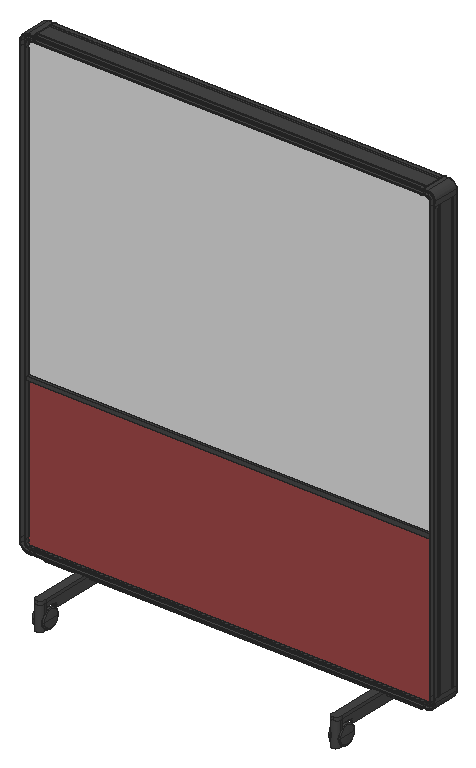
Revit family "DBLTD_TheSenatorGroup_PrvcyScrn_AdaptWall_Screen_US_v2", category Furniture, Revit 2020
Family settings
  OmniClass Number = 23.40.20.00
  OmniClass Title = General Furniture and Specialties
  Work Plane-Based = No
  Always vertical = Yes
  Cut with Voids When Loaded = No
  Shared = Yes
  Room Calculation Point = No
Parameters (values of type "Screen Fabric & Magnetic Drywipe Upper Panels, MFC Lower Panels 65" Wide")
  WarrantyStartDate [instance] = "1900-12-31T23:59:59"
  WarrantyGuarantorParts = "n/a"
  WarrantyGuarantorLabor = "n/a"
  WarrantyDurationUnit = "Years"
  WarrantyDurationParts = "n/a"
  WarrantyDurationLabor = "n/a"
  WarrantyDescription = "Senator warrants that its manufactured products are free from manufacturing defects - in materials or workmanship - for a period of ten (10) years on Senator Seating ranges; and fifteen (15) years on Senator Desking ranges"
  Version = "1"  # constant formula
  Uniclass2015Version = "Products v1.9"
  Uniclass2015Title = "Privacy screens"
  Uniclass2015Code = "Pr_40_30_20_65"
  URL = "https://www.thesenatorgroup.com/"
  Type Comments = ModelReference  # "Screen Fabric & Magnetic Drywipe Upper Panels, MFC Lower Panels 65\" Wide"
  TagNumber [instance] = "n/a"
  SustainabilityPerformance = "n/a"
  Style = "n/a"
  Status [instance] = "New"
  Size = "L 20.87\" x  W 64.96\" x  H 77.36\""
  Shape = "Rectangular"
  SerialNumber [instance] = "n/a"
  ScreenType = DBLTD_TheSenatorGroup_OffcStrg_AdaptWall_Screen : Fabric & Drywipe with MFC
  ScreenPanelMaterial = TheSenatorGroup_Drywipe_White
  ScreenMaterial [instance] = TheSenatorGroup_Fabric_Grey
  Revision = "n/a"
  ReplacementCost = "0"
  Reference = "n/a"
  ProductInformation = "https://www.thesenatorgroup.com/"
  PanelMaterial [instance] = TheSenatorGroup_Wood_StrataOak
  NominalWidth = 1650 mm
  NominalLength = NominalWidth  # 1650 mm
  NominalHeight = 1965 mm
  NominalDepth = 530 mm
  Name = "PrivacyScreens_AdaptWall_Screen_TheSenatorGroup"
  NBSReference = "45-35-25/320"
  NBSDescription = "Freestanding Screens"
  NBSCertification = ""
  ModelReference = "Screen Fabric & Magnetic Drywipe Upper Panels, MFC Lower Panels 65\" Wide"
  ModelNumber = "AW7865MFMD"
  Model = ModelNumber  # "AW7865MFMD"
  Material = "MFC, Fabric"
  ManufacturerURL = "https://www.thesenatorgroup.com/"
  ManufacturerName = "The Senator Group"
  Manufacturer = "The Senator Group"
  MainColor = "n/a"
  Keynote = "Pr_40_30_20_65"
  IsBuiltIn = no
  IntegralAccessories = "n/a"
  InstallationDate [instance] = "1900-12-31T23:59:59"
  IfcExportType = "Screen"  # constant formula
  IfcExportAs = "IfcFurnitureTypeEnum"  # constant formula
  Grade = "n/a"
  FramesColour = "Black, White"
  FrameMaterial [instance] = TheSenatorGroup_Metal_Black
  Finish = "Frame available in Black or White. Fabric Camirs Blazer Range. MFC Storage available in Black, White or Strata Oak."
  Features = "Media Unit Screen"
  ExpectedLife = "n/a"
  DurationUnit = "Years"
  DimensionsPlanSize = "64.96 x 20.87"
  DimensionsHeight = "77.36"
  Description = ModelReference  # "Screen Fabric & Magnetic Drywipe Upper Panels, MFC Lower Panels 65\" Wide"
  Default Elevation = 0 mm
  Cost = 0
  Constituents = "n/a"
  Color = "n/a"
  CodePerformance = "n/a"
  Category = "Pr_40_30_20_65:Privacy screens"
  BarCode [instance] = "n/a"
  Author = "Diane Butterworth Ltd"  # constant formula
  AssetType = "Movable"
  AssetIdentifier [instance] = "n/a"
  Assembly Code = "E2020200"
  AccessibilityPerformance = "n/a"
Reference planes
  plane 1 "Center (Front/Back)": y = 0
  plane 2: z = 0
  plane 3 "Center (Left/Right)": x = 0
  plane 4: z = 1965
  plane 5: x = 825
  plane 6: x = -825
Dimensions and locks
  "NominalHeight": plane 4 to plane 2
  equal spacing: plane 6, plane 3 "Center (Left/Right)", plane 5
  "NominalWidth": plane 6 to plane 5
  aligned and locked: level to plane 2
  aligned and locked: plane 3 "Center (Left/Right)" to nested 1
Nested families
  nested 1: "DBLTD_TheSenatorGroup_OffcStrg_AdaptWall_Frame" at (0, 229, 0), FrameWidth <- "NominalWidth", FrameMaterial <- "FrameMaterial", type "Frame with Castors"
    with FrameWidth 1650 mm, FrameMaterial TheSenatorGroup_Metal_Black
  nested 2: "DBLTD_TheSenatorGroup_OffcStrg_AdaptWall_Screen" at (0, 229, 0), FrameMaterial <- "FrameMaterial", PanelMaterial <- "PanelMaterial", ScreenMaterial <- "ScreenMaterial", type <- "ScreenType", FrameWidth <- "NominalWidth", type "Fabric & Drywipe with MFC"
    with ScreenMaterial TheSenatorGroup_Fabric_Grey, PanelMaterial TheSenatorGroup_Wood_StrataOak, FrameWidth 1650 mm, FrameMaterial TheSenatorGroup_Metal_Black
Definition of nested family "DBLTD_TheSenatorGroup_OffcStrg_AdaptWall_Frame"
  Parameters (values of type "Frame with Castors")
    URL = ""
    Type Comments = ""
    Model = ""
    Manufacturer = ""
    Keynote = ""
    FrameWidth [instance] = 1250 mm
    FrameMaterial [instance] = none
    Description = ""
    Default Elevation = 0 mm
    Cost = 0
  Reference planes
    plane 1: z = 0
    plane 2 "Center (Left/Right)": x = 0
    plane 3: y = -229
    plane 4: x = -576.25
    plane 5: x = 576.25
    plane 6: x = -625
    plane 7: x = 625
    plane 8: x = -401.881
    plane 9: x = -376.119
    plane 10: x = 401.881
    plane 11: x = 376.119
  Forms (mm)
    Extrusion 1, solid, material <- "FrameMaterial"
      sketch origin (0, 0, 0) x (1, 0, 0) y (0, 0, 1)
        loop
          line (-536.332, 87.142) -> (536.284, 87.142)
          arc (536.284, 87.142) -> (544.073, 88.158) -> (551.332, 91.161) r 30
          line (551.332, 91.161) -> (594.6, 116.142) -> (-594.6, 116.142) -> (-551.332, 91.161)
          arc (-551.332, 91.161) -> (-544.097, 88.164) -> (-536.332, 87.142) r 30
      from 198.323 to 259.677
    Extrusion 2, void
      sketch origin (0, 0, 0) x (0, 1, 0) y (0, 0, 1)
        loop
          line (-206.193, 115.454) -> (-207.677, 87.142) -> (-198.323, 87.142) -> (-198.323, 116.142) -> (-206.193, 115.454)
        loop
          line (-251.807, 115.454) -> (-259.677, 116.142) -> (-259.677, 87.142) -> (-250.323, 87.142) -> (-251.807, 115.454)
      from -802.4 to 802.4
    Extrusion 3, solid, material <- "FrameMaterial"
      sketch origin (0, 0, 75) x (-1, 0, 0) y (0, -1, 0)
        loop
          arc (405.5, 471.871) -> (389, 495.177) -> (372.5, 471.871) r 17.494
          line (372.5, 471.871) -> (372.5, -13.871)
          arc (372.5, -13.871) -> (389, -37.177) -> (405.5, -13.871) r 17.494
          line (405.5, -13.871) -> (405.5, 471.871)
      from 24.957 to 35.858
    Extrusion 4, solid, material <- "FrameMaterial"
      sketch origin (0, 0, 75) x (-1, 0, 0) y (0, -1, 0)
        loop
          circle (389, 477.683) r 17.494
      from -73 to 24.957
    Extrusion 5, solid, material <- "FrameMaterial"
      sketch origin (0, -458, 75) x (-1, 0, 0) y (0, -1, 0)
        loop
          circle (389, -477.683) r 17.494
      from -73 to 24.957
    Revolve 6, solid, material <- "FrameMaterial"
      sketch origin (0, 0, 37.5) x (-1, 0, 0) y (0, -1, 0)
        loop
          line (376.119, 489.895) -> (368.353, 489.895) -> (365.897, 485.641)
          arc (365.897, 485.641) -> (364.038, 469.064) -> (363.417, 452.395) r 224.102
          line (363.417, 452.395) -> (414.583, 452.395)
          arc (414.583, 452.395) -> (413.963, 469.064) -> (412.104, 485.641) r 224.102
          line (412.104, 485.641) -> (409.648, 489.895) -> (401.881, 489.895) -> (401.881, 462.895) -> (376.119, 462.895) -> (376.119, 489.895)
        axis (414.583, 452.395) -> (363.417, 452.395)
      angle from 0 to 360
    Extrusion 7, solid, material <- "FrameMaterial"
      sketch origin (0, 0, 0) x (0, 1, 0) y (0, 0, 1)
        loop
          line (-271.631, 1948.544) -> (-281.608, 1945.904)
          arc (-281.608, 1945.904) -> (-282.412, 1945.369) -> (-282.724, 1944.454) r 1.5
          line (-282.724, 1944.454) -> (-282.724, 1943.31)
          arc (-282.724, 1943.31) -> (-282.431, 1942.603) -> (-281.724, 1942.31) r 1
          line (-281.724, 1942.31) -> (-266.634, 1942.31)
          arc (-266.634, 1942.31) -> (-265.589, 1942.365) -> (-264.555, 1942.529) r 10
          line (-264.555, 1942.529) -> (-259.755, 1943.549)
          arc (-259.755, 1943.549) -> (-258.721, 1943.713) -> (-257.676, 1943.767) r 10
          line (-257.676, 1943.767) -> (-200.324, 1943.767)
          arc (-200.324, 1943.767) -> (-199.279, 1943.713) -> (-198.245, 1943.549) r 10
          line (-198.245, 1943.549) -> (-193.445, 1942.529)
          arc (-193.445, 1942.529) -> (-192.411, 1942.365) -> (-191.366, 1942.31) r 10
          line (-191.366, 1942.31) -> (-176.276, 1942.31)
          arc (-176.276, 1942.31) -> (-175.569, 1942.603) -> (-175.276, 1943.31) r 1
          line (-175.276, 1943.31) -> (-175.276, 1944.454)
          arc (-175.276, 1944.454) -> (-175.588, 1945.369) -> (-176.392, 1945.904) r 1.5
          line (-176.392, 1945.904) -> (-186.369, 1948.544)
          arc (-186.369, 1948.544) -> (-187.442, 1949.258) -> (-187.857, 1950.478) r 2
          line (-187.857, 1950.478) -> (-187.857, 1956.743)
          arc (-187.857, 1956.743) -> (-187.442, 1957.963) -> (-186.369, 1958.676) r 2
          line (-186.369, 1958.676) -> (-176.392, 1961.317)
          arc (-176.392, 1961.317) -> (-175.588, 1961.852) -> (-175.276, 1962.767) r 1.5
          line (-175.276, 1962.767) -> (-175.276, 1963.91)
          arc (-175.276, 1963.91) -> (-175.569, 1964.617) -> (-176.276, 1964.91) r 1
          line (-176.276, 1964.91) -> (-191.366, 1964.91)
          arc (-191.366, 1964.91) -> (-192.411, 1964.855) -> (-193.445, 1964.692) r 10
          line (-193.445, 1964.692) -> (-198.245, 1963.671)
          arc (-198.245, 1963.671) -> (-199.279, 1963.508) -> (-200.324, 1963.453) r 10
          line (-200.324, 1963.453) -> (-257.676, 1963.453)
          arc (-257.676, 1963.453) -> (-258.721, 1963.508) -> (-259.755, 1963.671) r 10
          line (-259.755, 1963.671) -> (-264.555, 1964.692)
          arc (-264.555, 1964.692) -> (-265.589, 1964.855) -> (-266.634, 1964.91) r 10
          line (-266.634, 1964.91) -> (-281.724, 1964.91)
          arc (-281.724, 1964.91) -> (-282.431, 1964.617) -> (-282.724, 1963.91) r 1
          line (-282.724, 1963.91) -> (-282.724, 1962.767)
          arc (-282.724, 1962.767) -> (-282.412, 1961.852) -> (-281.608, 1961.317) r 1.5
          line (-281.608, 1961.317) -> (-271.631, 1958.676)
          arc (-271.631, 1958.676) -> (-270.558, 1957.963) -> (-270.143, 1956.743) r 2
          line (-270.143, 1956.743) -> (-270.143, 1950.478)
          arc (-270.143, 1950.478) -> (-270.558, 1949.258) -> (-271.631, 1948.544) r 2
      from -576.25 to 576.25
    Extrusion 8, solid, material <- "FrameMaterial"
      sketch origin (0, 0, -1826.168) x (0, 1, 0) y (0, 0, 1)
        loop
          line (-271.631, 1948.544) -> (-281.608, 1945.904)
          arc (-281.608, 1945.904) -> (-282.412, 1945.369) -> (-282.724, 1944.454) r 1.5
          line (-282.724, 1944.454) -> (-282.724, 1943.31)
          arc (-282.724, 1943.31) -> (-282.431, 1942.603) -> (-281.724, 1942.31) r 1
          line (-281.724, 1942.31) -> (-266.634, 1942.31)
          arc (-266.634, 1942.31) -> (-265.589, 1942.365) -> (-264.555, 1942.529) r 10
          line (-264.555, 1942.529) -> (-259.755, 1943.549)
          arc (-259.755, 1943.549) -> (-258.721, 1943.713) -> (-257.676, 1943.767) r 10
          line (-257.676, 1943.767) -> (-200.324, 1943.767)
          arc (-200.324, 1943.767) -> (-199.279, 1943.713) -> (-198.245, 1943.549) r 10
          line (-198.245, 1943.549) -> (-193.445, 1942.529)
          arc (-193.445, 1942.529) -> (-192.411, 1942.365) -> (-191.366, 1942.31) r 10
          line (-191.366, 1942.31) -> (-176.276, 1942.31)
          arc (-176.276, 1942.31) -> (-175.569, 1942.603) -> (-175.276, 1943.31) r 1
          line (-175.276, 1943.31) -> (-175.276, 1944.454)
          arc (-175.276, 1944.454) -> (-175.588, 1945.369) -> (-176.392, 1945.904) r 1.5
          line (-176.392, 1945.904) -> (-186.369, 1948.544)
          arc (-186.369, 1948.544) -> (-187.442, 1949.258) -> (-187.857, 1950.478) r 2
          line (-187.857, 1950.478) -> (-187.857, 1956.743)
          arc (-187.857, 1956.743) -> (-187.442, 1957.963) -> (-186.369, 1958.676) r 2
          line (-186.369, 1958.676) -> (-176.392, 1961.317)
          arc (-176.392, 1961.317) -> (-175.588, 1961.852) -> (-175.276, 1962.767) r 1.5
          line (-175.276, 1962.767) -> (-175.276, 1963.91)
          arc (-175.276, 1963.91) -> (-175.569, 1964.617) -> (-176.276, 1964.91) r 1
          line (-176.276, 1964.91) -> (-191.366, 1964.91)
          arc (-191.366, 1964.91) -> (-192.411, 1964.855) -> (-193.445, 1964.692) r 10
          line (-193.445, 1964.692) -> (-198.245, 1963.671)
          arc (-198.245, 1963.671) -> (-199.279, 1963.508) -> (-200.324, 1963.453) r 10
          line (-200.324, 1963.453) -> (-257.676, 1963.453)
          arc (-257.676, 1963.453) -> (-258.721, 1963.508) -> (-259.755, 1963.671) r 10
          line (-259.755, 1963.671) -> (-264.555, 1964.692)
          arc (-264.555, 1964.692) -> (-265.589, 1964.855) -> (-266.634, 1964.91) r 10
          line (-266.634, 1964.91) -> (-281.724, 1964.91)
          arc (-281.724, 1964.91) -> (-282.431, 1964.617) -> (-282.724, 1963.91) r 1
          line (-282.724, 1963.91) -> (-282.724, 1962.767)
          arc (-282.724, 1962.767) -> (-282.412, 1961.852) -> (-281.608, 1961.317) r 1.5
          line (-281.608, 1961.317) -> (-271.631, 1958.676)
          arc (-271.631, 1958.676) -> (-270.558, 1957.963) -> (-270.143, 1956.743) r 2
          line (-270.143, 1956.743) -> (-270.143, 1950.478)
          arc (-270.143, 1950.478) -> (-270.558, 1949.258) -> (-271.631, 1948.544) r 2
      from -576.25 to 576.25
    Extrusion 9, solid, material <- "FrameMaterial"
      sketch origin (-2567.31, 0, 741.142) x (0, 1, 0) y (-1, 0, 0)
        loop
          arc (-271.631, -1948.544) -> (-270.558, -1949.258) -> (-270.143, -1950.478) r 2
          line (-270.143, -1950.478) -> (-270.143, -1956.743)
          arc (-270.143, -1956.743) -> (-270.558, -1957.963) -> (-271.631, -1958.676) r 2
          line (-271.631, -1958.676) -> (-281.608, -1961.317)
          arc (-281.608, -1961.317) -> (-282.412, -1961.852) -> (-282.724, -1962.767) r 1.5
          line (-282.724, -1962.767) -> (-282.724, -1963.91)
          arc (-282.724, -1963.91) -> (-282.431, -1964.617) -> (-281.724, -1964.91) r 1
          line (-281.724, -1964.91) -> (-266.634, -1964.91)
          arc (-266.634, -1964.91) -> (-265.589, -1964.855) -> (-264.555, -1964.692) r 10
          line (-264.555, -1964.692) -> (-259.755, -1963.671)
          arc (-259.755, -1963.671) -> (-258.721, -1963.508) -> (-257.676, -1963.453) r 10
          line (-257.676, -1963.453) -> (-200.324, -1963.453)
          arc (-200.324, -1963.453) -> (-199.279, -1963.508) -> (-198.245, -1963.671) r 10
          line (-198.245, -1963.671) -> (-193.445, -1964.692)
          arc (-193.445, -1964.692) -> (-192.411, -1964.855) -> (-191.366, -1964.91) r 10
          line (-191.366, -1964.91) -> (-176.276, -1964.91)
          arc (-176.276, -1964.91) -> (-175.569, -1964.617) -> (-175.276, -1963.91) r 1
          line (-175.276, -1963.91) -> (-175.276, -1962.767)
          arc (-175.276, -1962.767) -> (-175.588, -1961.852) -> (-176.392, -1961.317) r 1.5
          line (-176.392, -1961.317) -> (-186.369, -1958.676)
          arc (-186.369, -1958.676) -> (-187.442, -1957.963) -> (-187.857, -1956.743) r 2
          line (-187.857, -1956.743) -> (-187.857, -1950.478)
          arc (-187.857, -1950.478) -> (-187.442, -1949.258) -> (-186.369, -1948.544) r 2
          line (-186.369, -1948.544) -> (-176.392, -1945.904)
          arc (-176.392, -1945.904) -> (-175.588, -1945.369) -> (-175.276, -1944.454) r 1.5
          line (-175.276, -1944.454) -> (-175.276, -1943.31)
          arc (-175.276, -1943.31) -> (-175.569, -1942.603) -> (-176.276, -1942.31) r 1
          line (-176.276, -1942.31) -> (-191.366, -1942.31)
          arc (-191.366, -1942.31) -> (-192.411, -1942.365) -> (-193.445, -1942.529) r 10
          line (-193.445, -1942.529) -> (-198.245, -1943.549)
          arc (-198.245, -1943.549) -> (-199.279, -1943.713) -> (-200.324, -1943.767) r 10
          line (-200.324, -1943.767) -> (-257.676, -1943.767)
          arc (-257.676, -1943.767) -> (-258.721, -1943.713) -> (-259.755, -1943.549) r 10
          line (-259.755, -1943.549) -> (-264.555, -1942.529)
          arc (-264.555, -1942.529) -> (-265.589, -1942.365) -> (-266.634, -1942.31) r 10
          line (-266.634, -1942.31) -> (-281.724, -1942.31)
          arc (-281.724, -1942.31) -> (-282.431, -1942.603) -> (-282.724, -1943.31) r 1
          line (-282.724, -1943.31) -> (-282.724, -1944.454)
          arc (-282.724, -1944.454) -> (-282.412, -1945.369) -> (-281.608, -1945.904) r 1.5
          line (-281.608, -1945.904) -> (-271.631, -1948.544)
      from -576.25 to 1175.018
    Extrusion 10, solid, material <- "FrameMaterial"
      sketch origin (2567.31, 0, 741.142) x (0, 1, 0) y (-1, 0, 0)
        loop
          line (-271.631, 1948.544) -> (-281.608, 1945.904)
          arc (-281.608, 1945.904) -> (-282.412, 1945.369) -> (-282.724, 1944.454) r 1.5
          line (-282.724, 1944.454) -> (-282.724, 1943.31)
          arc (-282.724, 1943.31) -> (-282.431, 1942.603) -> (-281.724, 1942.31) r 1
          line (-281.724, 1942.31) -> (-266.634, 1942.31)
          arc (-266.634, 1942.31) -> (-265.589, 1942.365) -> (-264.555, 1942.529) r 10
          line (-264.555, 1942.529) -> (-259.755, 1943.549)
          arc (-259.755, 1943.549) -> (-258.721, 1943.713) -> (-257.676, 1943.767) r 10
          line (-257.676, 1943.767) -> (-200.324, 1943.767)
          arc (-200.324, 1943.767) -> (-199.279, 1943.713) -> (-198.245, 1943.549) r 10
          line (-198.245, 1943.549) -> (-193.445, 1942.529)
          arc (-193.445, 1942.529) -> (-192.411, 1942.365) -> (-191.366, 1942.31) r 10
          line (-191.366, 1942.31) -> (-176.276, 1942.31)
          arc (-176.276, 1942.31) -> (-175.569, 1942.603) -> (-175.276, 1943.31) r 1
          line (-175.276, 1943.31) -> (-175.276, 1944.454)
          arc (-175.276, 1944.454) -> (-175.588, 1945.369) -> (-176.392, 1945.904) r 1.5
          line (-176.392, 1945.904) -> (-186.369, 1948.544)
          arc (-186.369, 1948.544) -> (-187.442, 1949.258) -> (-187.857, 1950.478) r 2
          line (-187.857, 1950.478) -> (-187.857, 1956.743)
          arc (-187.857, 1956.743) -> (-187.442, 1957.963) -> (-186.369, 1958.676) r 2
          line (-186.369, 1958.676) -> (-176.392, 1961.317)
          arc (-176.392, 1961.317) -> (-175.588, 1961.852) -> (-175.276, 1962.767) r 1.5
          line (-175.276, 1962.767) -> (-175.276, 1963.91)
          arc (-175.276, 1963.91) -> (-175.569, 1964.617) -> (-176.276, 1964.91) r 1
          line (-176.276, 1964.91) -> (-191.366, 1964.91)
          arc (-191.366, 1964.91) -> (-192.411, 1964.855) -> (-193.445, 1964.692) r 10
          line (-193.445, 1964.692) -> (-198.245, 1963.671)
          arc (-198.245, 1963.671) -> (-199.279, 1963.508) -> (-200.324, 1963.453) r 10
          line (-200.324, 1963.453) -> (-257.676, 1963.453)
          arc (-257.676, 1963.453) -> (-258.721, 1963.508) -> (-259.755, 1963.671) r 10
          line (-259.755, 1963.671) -> (-264.555, 1964.692)
          arc (-264.555, 1964.692) -> (-265.589, 1964.855) -> (-266.634, 1964.91) r 10
          line (-266.634, 1964.91) -> (-281.724, 1964.91)
          arc (-281.724, 1964.91) -> (-282.431, 1964.617) -> (-282.724, 1963.91) r 1
          line (-282.724, 1963.91) -> (-282.724, 1962.767)
          arc (-282.724, 1962.767) -> (-282.412, 1961.852) -> (-281.608, 1961.317) r 1.5
          line (-281.608, 1961.317) -> (-271.631, 1958.676)
          arc (-271.631, 1958.676) -> (-270.558, 1957.963) -> (-270.143, 1956.743) r 2
          line (-270.143, 1956.743) -> (-270.143, 1950.478)
          arc (-270.143, 1950.478) -> (-270.558, 1949.258) -> (-271.631, 1948.544) r 2
      from -576.25 to 1175.018
    Revolve 11, solid, material <- "FrameMaterial"
      sketch origin (0, -458, 37.5) x (-1, 0, 0) y (0, -1, 0)
        loop
          line (376.119, -489.895) -> (376.119, -462.895) -> (401.881, -462.895) -> (401.881, -489.895) -> (409.648, -489.895) -> (412.104, -485.641)
          arc (412.104, -485.641) -> (413.963, -469.064) -> (414.583, -452.395) r 224.102
          line (414.583, -452.395) -> (363.417, -452.395)
          arc (363.417, -452.395) -> (364.038, -469.064) -> (365.897, -485.641) r 224.102
          line (365.897, -485.641) -> (368.353, -489.895) -> (376.119, -489.895)
        axis (414.583, -452.395) -> (363.417, -452.395)
      angle from 0 to 360
    Extrusion 12, solid, material <- "FrameMaterial"
      sketch origin (0, 0, 75) x (1, 0, 0) y (0, 1, 0)
        loop
          line (405.5, -471.871) -> (405.5, 13.871)
          arc (405.5, 13.871) -> (389, 37.177) -> (372.5, 13.871) r 17.494
          line (372.5, 13.871) -> (372.5, -471.871)
          arc (372.5, -471.871) -> (389, -495.177) -> (405.5, -471.871) r 17.494
      from 24.957 to 35.858
    Extrusion 13, solid, material <- "FrameMaterial"
      sketch origin (0, 0, 0) x (0, 1, 0) y (0, 0, -1)
        loop
          line (-41.377, -73.17) -> (-46.59, -63.366)
          arc (-46.59, -63.366) -> (-51.005, -58.714) -> (-57.185, -57) r 12
          line (-57.185, -57) -> (-400.815, -57)
          arc (-400.815, -57) -> (-406.995, -58.714) -> (-411.41, -63.366) r 12
          line (-411.41, -63.366) -> (-416.623, -73.17)
          arc (-416.623, -73.17) -> (-421.038, -77.822) -> (-427.218, -79.536) r 12
          line (-427.218, -79.536) -> (-471.871, -79.536) -> (-471.871, -99.957) -> (-250.995, -99.957) -> (-250.323, -87.142) -> (-207.677, -87.142) -> (-207.005, -99.957) -> (13.871, -99.957) -> (13.871, -79.536) -> (-30.782, -79.536)
          arc (-30.782, -79.536) -> (-36.962, -77.822) -> (-41.377, -73.17) r 12
      from -401.881 to -376.119
    Extrusion 14, solid, material <- "FrameMaterial"
      sketch origin (0, 0, 75) x (1, 0, 0) y (0, 1, 0)
        loop
          circle (389, -477.683) r 17.494
      from -73 to 24.957
    Extrusion 15, solid, material <- "FrameMaterial"
      sketch origin (0, -458, 75) x (1, 0, 0) y (0, 1, 0)
        loop
          circle (389, 477.683) r 17.494
      from -73 to 24.957
    Revolve 16, solid, material <- "FrameMaterial"
      sketch origin (0, 0, 37.5) x (1, 0, 0) y (0, 1, 0)
        loop
          line (376.119, -489.895) -> (376.119, -462.895) -> (401.881, -462.895) -> (401.881, -489.895) -> (409.648, -489.895) -> (412.104, -485.641)
          arc (412.104, -485.641) -> (413.963, -469.064) -> (414.583, -452.395) r 224.102
          line (414.583, -452.395) -> (363.417, -452.395)
          arc (363.417, -452.395) -> (364.038, -469.064) -> (365.897, -485.641) r 224.102
          line (365.897, -485.641) -> (368.353, -489.895) -> (376.119, -489.895)
        axis (414.583, -452.395) -> (363.417, -452.395)
      angle from 0 to 360
    Revolve 17, solid, material <- "FrameMaterial"
      sketch origin (0, -458, 37.5) x (1, 0, 0) y (0, 1, 0)
        loop
          line (376.119, 489.895) -> (368.353, 489.895) -> (365.897, 485.641)
          arc (365.897, 485.641) -> (364.038, 469.064) -> (363.417, 452.395) r 224.102
          line (363.417, 452.395) -> (414.583, 452.395)
          arc (414.583, 452.395) -> (413.963, 469.064) -> (412.104, 485.641) r 224.102
          line (412.104, 485.641) -> (409.648, 489.895) -> (401.881, 489.895) -> (401.881, 462.895) -> (376.119, 462.895) -> (376.119, 489.895)
        axis (414.583, 452.395) -> (363.417, 452.395)
      angle from 0 to 360
    Extrusion 18, solid, material <- "FrameMaterial"
      sketch origin (0, 0, 0) x (0, 1, 0) y (0, 0, 1)
        loop
          arc (-41.377, 73.17) -> (-36.962, 77.822) -> (-30.782, 79.536) r 12
          line (-30.782, 79.536) -> (13.871, 79.536) -> (13.871, 99.957) -> (-207.005, 99.957) -> (-207.677, 87.142) -> (-250.323, 87.142) -> (-250.995, 99.957) -> (-471.871, 99.957) -> (-471.871, 79.536) -> (-427.218, 79.536)
          arc (-427.218, 79.536) -> (-421.038, 77.822) -> (-416.623, 73.17) r 12
          line (-416.623, 73.17) -> (-411.41, 63.366)
          arc (-411.41, 63.366) -> (-406.995, 58.714) -> (-400.815, 57) r 12
          line (-400.815, 57) -> (-57.185, 57)
          arc (-57.185, 57) -> (-51.005, 58.714) -> (-46.59, 63.366) r 12
          line (-46.59, 63.366) -> (-41.377, 73.17)
      from -401.881 to -376.119
    Sweep 19, solid, material <- "FrameMaterial"
      path origin (0, 0, 0) x (1, 0, 0) y (0, 0, 1)
        loop
          line (-625, 164.892) -> (-625, 146.142)
          arc (-625, 146.142) -> (-616.213, 124.929) -> (-595, 116.142) r 30
          line (-595, 116.142) -> (-576.25, 116.142)
      profile origin (-625, 0, 155.517) x (0, -1, 0) y (1, 0, 0)
        loop
          arc (281.724, 0) -> (282.431, 0.293) -> (282.724, 1) r 1
          line (282.724, 1) -> (282.724, 2.143)
          arc (282.724, 2.143) -> (282.412, 3.058) -> (281.608, 3.594) r 1.5
          line (281.608, 3.594) -> (271.631, 6.234)
          arc (271.631, 6.234) -> (270.558, 6.948) -> (270.143, 8.168) r 2
          line (270.143, 8.168) -> (270.143, 14.432)
          arc (270.143, 14.432) -> (270.558, 15.652) -> (271.631, 16.366) r 2
          line (271.631, 16.366) -> (281.608, 19.006)
          arc (281.608, 19.006) -> (282.412, 19.542) -> (282.724, 20.457) r 1.5
          line (282.724, 20.457) -> (282.724, 21.6)
          arc (282.724, 21.6) -> (282.431, 22.307) -> (281.724, 22.6) r 1
          line (281.724, 22.6) -> (266.634, 22.6)
          arc (266.634, 22.6) -> (265.589, 22.545) -> (264.555, 22.381) r 10
          line (264.555, 22.381) -> (259.755, 21.361)
          arc (259.755, 21.361) -> (258.721, 21.197) -> (257.676, 21.143) r 10
          line (257.676, 21.143) -> (200.324, 21.143)
          arc (200.324, 21.143) -> (199.279, 21.197) -> (198.245, 21.361) r 10
          line (198.245, 21.361) -> (193.445, 22.381)
          arc (193.445, 22.381) -> (192.411, 22.545) -> (191.366, 22.6) r 10
          line (191.366, 22.6) -> (176.276, 22.6)
          arc (176.276, 22.6) -> (175.569, 22.307) -> (175.276, 21.6) r 1
          line (175.276, 21.6) -> (175.276, 20.457)
          arc (175.276, 20.457) -> (175.588, 19.542) -> (176.392, 19.006) r 1.5
          line (176.392, 19.006) -> (186.369, 16.366)
          arc (186.369, 16.366) -> (187.442, 15.652) -> (187.857, 14.432) r 2
          line (187.857, 14.432) -> (187.857, 8.168)
          arc (187.857, 8.168) -> (187.442, 6.948) -> (186.369, 6.234) r 2
          line (186.369, 6.234) -> (176.392, 3.594)
          arc (176.392, 3.594) -> (175.588, 3.058) -> (175.276, 2.143) r 1.5
          line (175.276, 2.143) -> (175.276, 1)
          arc (175.276, 1) -> (175.569, 0.293) -> (176.276, 0) r 1
          line (176.276, 0) -> (281.724, 0)
    Sweep 20, solid, material <- "FrameMaterial"
      path origin (0, 0, 0) x (-1, 0, 0) y (0, 0, -1)
        loop
          line (-625, -164.892) -> (-625, -146.142)
          arc (-625, -146.142) -> (-616.213, -124.929) -> (-595, -116.142) r 30
          line (-595, -116.142) -> (-576.25, -116.142)
      profile origin (625, 0, 155.517) x (0, -1, 0) y (1, 0, 0)
        loop
          line (281.724, 0) -> (176.276, 0)
          arc (176.276, 0) -> (175.569, -0.293) -> (175.276, -1) r 1
          line (175.276, -1) -> (175.276, -2.143)
          arc (175.276, -2.143) -> (175.588, -3.058) -> (176.392, -3.594) r 1.5
          line (176.392, -3.594) -> (186.369, -6.234)
          arc (186.369, -6.234) -> (187.442, -6.948) -> (187.857, -8.168) r 2
          line (187.857, -8.168) -> (187.857, -14.432)
          arc (187.857, -14.432) -> (187.442, -15.652) -> (186.369, -16.366) r 2
          line (186.369, -16.366) -> (176.392, -19.006)
          arc (176.392, -19.006) -> (175.588, -19.542) -> (175.276, -20.457) r 1.5
          line (175.276, -20.457) -> (175.276, -21.6)
          arc (175.276, -21.6) -> (175.569, -22.307) -> (176.276, -22.6) r 1
          line (176.276, -22.6) -> (191.366, -22.6)
          arc (191.366, -22.6) -> (192.411, -22.545) -> (193.445, -22.381) r 10
          line (193.445, -22.381) -> (198.245, -21.361)
          arc (198.245, -21.361) -> (199.279, -21.197) -> (200.324, -21.143) r 10
          line (200.324, -21.143) -> (257.676, -21.143)
          arc (257.676, -21.143) -> (258.721, -21.197) -> (259.755, -21.361) r 10
          line (259.755, -21.361) -> (264.555, -22.381)
          arc (264.555, -22.381) -> (265.589, -22.545) -> (266.634, -22.6) r 10
          line (266.634, -22.6) -> (281.724, -22.6)
          arc (281.724, -22.6) -> (282.431, -22.307) -> (282.724, -21.6) r 1
          line (282.724, -21.6) -> (282.724, -20.457)
          arc (282.724, -20.457) -> (282.412, -19.542) -> (281.608, -19.006) r 1.5
          line (281.608, -19.006) -> (271.631, -16.366)
          arc (271.631, -16.366) -> (270.558, -15.652) -> (270.143, -14.432) r 2
          line (270.143, -14.432) -> (270.143, -8.168)
          arc (270.143, -8.168) -> (270.558, -6.948) -> (271.631, -6.234) r 2
          line (271.631, -6.234) -> (281.608, -3.594)
          arc (281.608, -3.594) -> (282.412, -3.058) -> (282.724, -2.143) r 1.5
          line (282.724, -2.143) -> (282.724, -1)
          arc (282.724, -1) -> (282.431, -0.293) -> (281.724, 0) r 1
    Sweep 21, solid, material <- "FrameMaterial"
      path origin (0, 0, 2081.052) x (1, 0, 0) y (0, 0, 1)
        loop
          line (-625, -164.892) -> (-625, -146.142)
          arc (-625, -146.142) -> (-616.213, -124.929) -> (-595, -116.142) r 30
          line (-595, -116.142) -> (-576.25, -116.142)
      profile origin (-625, 0, 1925.535) x (-1, 0, 0) y (0, -1, 0)
        loop
          arc (0, 281.724) -> (-0.293, 282.431) -> (-1, 282.724) r 1
          line (-1, 282.724) -> (-2.143, 282.724)
          arc (-2.143, 282.724) -> (-3.058, 282.412) -> (-3.594, 281.608) r 1.5
          line (-3.594, 281.608) -> (-6.234, 271.631)
          arc (-6.234, 271.631) -> (-6.948, 270.558) -> (-8.168, 270.143) r 2
          line (-8.168, 270.143) -> (-14.432, 270.143)
          arc (-14.432, 270.143) -> (-15.652, 270.558) -> (-16.366, 271.631) r 2
          line (-16.366, 271.631) -> (-19.006, 281.608)
          arc (-19.006, 281.608) -> (-19.542, 282.412) -> (-20.457, 282.724) r 1.5
          line (-20.457, 282.724) -> (-21.6, 282.724)
          arc (-21.6, 282.724) -> (-22.307, 282.431) -> (-22.6, 281.724) r 1
          line (-22.6, 281.724) -> (-22.6, 266.634)
          arc (-22.6, 266.634) -> (-22.545, 265.589) -> (-22.381, 264.555) r 10
          line (-22.381, 264.555) -> (-21.361, 259.755)
          arc (-21.361, 259.755) -> (-21.197, 258.721) -> (-21.143, 257.676) r 10
          line (-21.143, 257.676) -> (-21.143, 200.324)
          arc (-21.143, 200.324) -> (-21.197, 199.279) -> (-21.361, 198.245) r 10
          line (-21.361, 198.245) -> (-22.381, 193.445)
          arc (-22.381, 193.445) -> (-22.545, 192.411) -> (-22.6, 191.366) r 10
          line (-22.6, 191.366) -> (-22.6, 176.276)
          arc (-22.6, 176.276) -> (-22.307, 175.569) -> (-21.6, 175.276) r 1
          line (-21.6, 175.276) -> (-20.457, 175.276)
          arc (-20.457, 175.276) -> (-19.542, 175.588) -> (-19.006, 176.392) r 1.5
          line (-19.006, 176.392) -> (-16.366, 186.369)
          arc (-16.366, 186.369) -> (-15.652, 187.442) -> (-14.432, 187.857) r 2
          line (-14.432, 187.857) -> (-8.168, 187.857)
          arc (-8.168, 187.857) -> (-6.948, 187.442) -> (-6.234, 186.369) r 2
          line (-6.234, 186.369) -> (-3.594, 176.392)
          arc (-3.594, 176.392) -> (-3.058, 175.588) -> (-2.143, 175.276) r 1.5
          line (-2.143, 175.276) -> (-1, 175.276)
          arc (-1, 175.276) -> (-0.293, 175.569) -> (0, 176.276) r 1
          line (0, 176.276) -> (0, 281.724)
    Sweep 22, solid, material <- "FrameMaterial"
      path origin (0, 0, 2081.052) x (-1, 0, 0) y (0, 0, -1)
        loop
          line (-625, 164.892) -> (-625, 146.142)
          arc (-625, 146.142) -> (-616.213, 124.929) -> (-595, 116.142) r 30
          line (-595, 116.142) -> (-576.25, 116.142)
      profile origin (625, 0, 1925.535) x (-1, 0, 0) y (0, -1, 0)
        loop
          line (0, 281.724) -> (0, 176.276)
          arc (0, 176.276) -> (0.293, 175.569) -> (1, 175.276) r 1
          line (1, 175.276) -> (2.143, 175.276)
          arc (2.143, 175.276) -> (3.058, 175.588) -> (3.594, 176.392) r 1.5
          line (3.594, 176.392) -> (6.234, 186.369)
          arc (6.234, 186.369) -> (6.948, 187.442) -> (8.168, 187.857) r 2
          line (8.168, 187.857) -> (14.432, 187.857)
          arc (14.432, 187.857) -> (15.652, 187.442) -> (16.366, 186.369) r 2
          line (16.366, 186.369) -> (19.006, 176.392)
          arc (19.006, 176.392) -> (19.542, 175.588) -> (20.457, 175.276) r 1.5
          line (20.457, 175.276) -> (21.6, 175.276)
          arc (21.6, 175.276) -> (22.307, 175.569) -> (22.6, 176.276) r 1
          line (22.6, 176.276) -> (22.6, 191.366)
          arc (22.6, 191.366) -> (22.545, 192.411) -> (22.381, 193.445) r 10
          line (22.381, 193.445) -> (21.361, 198.245)
          arc (21.361, 198.245) -> (21.197, 199.279) -> (21.143, 200.324) r 10
          line (21.143, 200.324) -> (21.143, 257.676)
          arc (21.143, 257.676) -> (21.197, 258.721) -> (21.361, 259.755) r 10
          line (21.361, 259.755) -> (22.381, 264.555)
          arc (22.381, 264.555) -> (22.545, 265.589) -> (22.6, 266.634) r 10
          line (22.6, 266.634) -> (22.6, 281.724)
          arc (22.6, 281.724) -> (22.307, 282.431) -> (21.6, 282.724) r 1
          line (21.6, 282.724) -> (20.457, 282.724)
          arc (20.457, 282.724) -> (19.542, 282.412) -> (19.006, 281.608) r 1.5
          line (19.006, 281.608) -> (16.366, 271.631)
          arc (16.366, 271.631) -> (15.652, 270.558) -> (14.432, 270.143) r 2
          line (14.432, 270.143) -> (8.168, 270.143)
          arc (8.168, 270.143) -> (6.948, 270.558) -> (6.234, 271.631) r 2
          line (6.234, 271.631) -> (3.594, 281.608)
          arc (3.594, 281.608) -> (3.058, 282.412) -> (2.143, 282.724) r 1.5
          line (2.143, 282.724) -> (1, 282.724)
          arc (1, 282.724) -> (0.293, 282.431) -> (0, 281.724) r 1
  Cuts and joins
    Extrusion 2 cuts Extrusion 1
  Dimensions and locks
    equal spacing: plane 6, plane 2 "Center (Left/Right)", plane 7
    "FrameWidth": plane 6 to plane 7
    locked: plane 6 to plane 4 at 48.75
    locked: plane 7 to plane 5 at 48.75
    locked: plane 9 to plane 8 at 25.762
    locked: plane 8 to plane 4 at 174.369
    locked: plane 11 to plane 10 at 25.762
    locked: plane 10 to plane 5 at 174.369
    aligned and locked: level to plane 1
    aligned and locked: plane 4 to Extrusion 8
    aligned and locked: plane 5 to Extrusion 8
    aligned and locked: plane 4 to Extrusion 7
    aligned and locked: plane 5 to Extrusion 7
    aligned and locked: Extrusion 18 to plane 8
    aligned and locked: plane 9 to Extrusion 18
    aligned and locked: Extrusion 13 to plane 11
    aligned and locked: Extrusion 13 to plane 10
    aligned and locked: plane 6 to Sweep 19 sketch curve
    aligned and locked: plane 4 to Sweep 19 sketch curve
  Automatic sketch dimensions
    plane 4 to Extrusion 1 sketch curve = 18.35 mm
    Extrusion 1 sketch curve to plane 4 = 24.918 mm
    Extrusion 1 sketch curve to Extrusion 1 sketch curve = 15 mm  (x2)
    Extrusion 1 sketch curve to plane 5 = 39.966 mm
    Extrusion 1 sketch curve to Extrusion 1 sketch curve = 0.048 mm
    Extrusion 1 sketch curve to Extrusion 1 sketch curve = 15.048 mm
    plane 5 to Extrusion 1 sketch curve = 18.35 mm
    level to Extrusion 1 sketch curve = 87.142 mm  (x2)
    Extrusion 1 sketch curve to Extrusion 1 sketch curve = 4.019 mm  (x2)
    Extrusion 1 sketch curve to Extrusion 1 sketch curve = 24.981 mm
    Extrusion 2 sketch curve to plane 3 = 30.677 mm
    Extrusion 2 sketch curve to Extrusion 2 sketch curve = 7.87 mm
    Extrusion 2 sketch curve to Extrusion 2 sketch curve = 9.354 mm  (x2)
    plane 3 to Extrusion 2 sketch curve = 21.323 mm
    plane 3 to Extrusion 2 sketch curve = 22.807 mm
    level to Extrusion 2 sketch curve = 87.142 mm
    Extrusion 2 sketch curve to Extrusion 2 sketch curve = 0 mm
    Extrusion 2 sketch curve to Extrusion 2 sketch curve = 28.312 mm  (x2)
    Extrusion 2 sketch curve to Extrusion 2 sketch curve = 0.689 mm  (x2)
    plane 9 to Extrusion 3 sketch curve = 3.619 mm
    Extrusion 3 sketch curve to plane 9 = 12.881 mm  (x2)
    Extrusion 3 sketch curve to plane 8 = 3.619 mm
    plane 3 to Extrusion 3 sketch curve = 248.683 mm
    Extrusion 3 sketch curve to Extrusion 3 sketch curve = 5.812 mm  (x2)
    Extrusion 3 sketch curve to plane 3 = 242.871 mm
    Extrusion 4 sketch curve to plane 9 = 12.881 mm
    Extrusion 4 sketch curve to plane 3 = 248.683 mm
    Extrusion 5 sketch curve to plane 9 = 12.881 mm
    plane 3 to Extrusion 5 sketch curve = 248.683 mm
    Revolve 6 sketch curve to plane 9 = 0 mm
    plane 9 to Revolve 6 sketch curve = 7.766 mm
    Revolve 6 sketch curve to Revolve 6 sketch curve = 2.456 mm  (x2)
    plane 9 to Revolve 6 sketch curve = 12.702 mm
    Revolve 6 sketch curve to Revolve 6 sketch curve = 172.936 mm
    plane 8 to Revolve 6 sketch curve = 0 mm
    Revolve 6 sketch curve to plane 8 = 7.766 mm
    Revolve 6 sketch curve to plane 8 = 12.702 mm
    plane 4 to Revolve 6 sketch curve = 11.269 mm
    Revolve 6 sketch curve to plane 3 = 223.395 mm
    Revolve 6 sketch curve to Revolve 6 sketch curve = 10.5 mm
    Revolve 6 sketch curve to Revolve 6 sketch curve = 4.254 mm  (x2)
    Revolve 6 sketch curve to Revolve 6 sketch curve = 10.185 mm
    Revolve 6 sketch curve to Revolve 6 sketch curve = 25 mm
    Revolve 6 sketch curve to Revolve 6 sketch curve = 0 mm
    Extrusion 7 sketch curve to plane 3 = 53.724 mm
    Extrusion 7 sketch curve to Extrusion 7 sketch curve = 0 mm  (x5)
    Extrusion 7 sketch curve to Extrusion 7 sketch curve = 1 mm  (x3)
    Extrusion 7 sketch curve to Extrusion 7 sketch curve = 1.116 mm  (x2)
    Extrusion 7 sketch curve to Extrusion 7 sketch curve = 0.5 mm  (x4)
    Extrusion 7 sketch curve to Extrusion 7 sketch curve = 9.465 mm
    Extrusion 7 sketch curve to Extrusion 7 sketch curve = 0.512 mm  (x2)
    Extrusion 7 sketch curve to Extrusion 7 sketch curve = 2 mm  (x3)
    Extrusion 7 sketch curve to Extrusion 7 sketch curve = 4.997 mm
    Extrusion 7 sketch curve to Extrusion 7 sketch curve = 2.079 mm  (x8)
    Extrusion 7 sketch curve to Extrusion 7 sketch curve = 4.8 mm  (x4)
    plane 3 to Extrusion 7 sketch curve = 28.676 mm
    Extrusion 7 sketch curve to Extrusion 7 sketch curve = 3.509 mm
    Extrusion 7 sketch curve to Extrusion 7 sketch curve = 1.488 mm  (x2)
    Extrusion 7 sketch curve to Extrusion 7 sketch curve = 9.593 mm  (x2)
    Extrusion 7 sketch curve to Extrusion 7 sketch curve = 0.384 mm  (x2)
    Extrusion 7 sketch curve to Extrusion 7 sketch curve = 1.5 mm
    level to Extrusion 7 sketch curve = 1933.767 mm
    Extrusion 7 sketch curve to Extrusion 7 sketch curve = 8.543 mm  (x3)
    Extrusion 7 sketch curve to Extrusion 7 sketch curve = 0.219 mm  (x4)
    Extrusion 7 sketch curve to Extrusion 7 sketch curve = 1.02 mm
    Extrusion 7 sketch curve to Extrusion 7 sketch curve = 1.143 mm  (x4)
    Extrusion 7 sketch curve to Extrusion 7 sketch curve = 3.766 mm  (x2)
    Extrusion 7 sketch curve to Extrusion 7 sketch curve = 2.6 mm  (x2)
    Extrusion 7 sketch curve to Extrusion 7 sketch curve = 1.832 mm  (x2)
    Extrusion 7 sketch curve to Extrusion 7 sketch curve = 2.641 mm  (x2)
    Extrusion 8 sketch curve to plane 3 = 53.724 mm
    Extrusion 8 sketch curve to Extrusion 8 sketch curve = 0 mm  (x5)
    Extrusion 8 sketch curve to Extrusion 8 sketch curve = 1 mm  (x3)
    Extrusion 8 sketch curve to Extrusion 8 sketch curve = 1.116 mm  (x2)
    Extrusion 8 sketch curve to Extrusion 8 sketch curve = 0.5 mm  (x4)
    Extrusion 8 sketch curve to Extrusion 8 sketch curve = 9.465 mm
    Extrusion 8 sketch curve to Extrusion 8 sketch curve = 0.512 mm  (x2)
    Extrusion 8 sketch curve to Extrusion 8 sketch curve = 2 mm  (x3)
    Extrusion 8 sketch curve to Extrusion 8 sketch curve = 4.997 mm
    Extrusion 8 sketch curve to Extrusion 8 sketch curve = 2.079 mm  (x8)
    Extrusion 8 sketch curve to Extrusion 8 sketch curve = 4.8 mm  (x4)
    plane 3 to Extrusion 8 sketch curve = 28.676 mm
    Extrusion 8 sketch curve to Extrusion 8 sketch curve = 3.509 mm
    Extrusion 8 sketch curve to Extrusion 8 sketch curve = 1.488 mm  (x2)
    Extrusion 8 sketch curve to Extrusion 8 sketch curve = 9.593 mm  (x2)
    Extrusion 8 sketch curve to Extrusion 8 sketch curve = 0.384 mm  (x2)
    Extrusion 8 sketch curve to Extrusion 8 sketch curve = 1.5 mm
    level to Extrusion 8 sketch curve = 107.599 mm
    Extrusion 8 sketch curve to Extrusion 8 sketch curve = 8.543 mm  (x3)
    Extrusion 8 sketch curve to Extrusion 8 sketch curve = 0.219 mm  (x4)
    Extrusion 8 sketch curve to Extrusion 8 sketch curve = 1.02 mm
    Extrusion 8 sketch curve to Extrusion 8 sketch curve = 1.143 mm  (x4)
    Extrusion 8 sketch curve to Extrusion 8 sketch curve = 3.766 mm  (x2)
    Extrusion 8 sketch curve to Extrusion 8 sketch curve = 2.6 mm  (x2)
    Extrusion 8 sketch curve to Extrusion 8 sketch curve = 1.832 mm  (x2)
    Extrusion 8 sketch curve to Extrusion 8 sketch curve = 2.641 mm  (x2)
    Extrusion 9 sketch curve to plane 6 = 0 mm  (x2)
    Extrusion 9 sketch curve to plane 3 = 53.724 mm
    Extrusion 9 sketch curve to plane 6 = 2.143 mm  (x2)
    Extrusion 9 sketch curve to Extrusion 9 sketch curve = 0 mm  (x4)
    Extrusion 9 sketch curve to Extrusion 9 sketch curve = 1 mm  (x3)
    Extrusion 9 sketch curve to plane 6 = 3.594 mm  (x2)
    Extrusion 9 sketch curve to Extrusion 9 sketch curve = 1.116 mm  (x2)
    Extrusion 9 sketch curve to plane 6 = 19.006 mm  (x2)
    Extrusion 9 sketch curve to Extrusion 9 sketch curve = 0.5 mm  (x2)
    Extrusion 9 sketch curve to Extrusion 9 sketch curve = 9.465 mm
    Extrusion 9 sketch curve to plane 6 = 16.366 mm  (x2)
    Extrusion 9 sketch curve to Extrusion 9 sketch curve = 0.512 mm  (x4)
    Extrusion 9 sketch curve to plane 6 = 6.234 mm  (x2)
    Extrusion 9 sketch curve to Extrusion 9 sketch curve = 2 mm
    Extrusion 9 sketch curve to Extrusion 9 sketch curve = 4.997 mm
    Extrusion 9 sketch curve to plane 6 = 22.381 mm
    Extrusion 9 sketch curve to Extrusion 9 sketch curve = 2.079 mm  (x8)
    Extrusion 9 sketch curve to plane 6 = 0.219 mm  (x2)
    Extrusion 9 sketch curve to plane 6 = 1.239 mm  (x2)
    Extrusion 9 sketch curve to Extrusion 9 sketch curve = 4.8 mm  (x4)
    Extrusion 9 sketch curve to plane 6 = 1.457 mm
    plane 3 to Extrusion 9 sketch curve = 28.676 mm
    Extrusion 9 sketch curve to Extrusion 9 sketch curve = 3.509 mm
    Extrusion 9 sketch curve to Extrusion 9 sketch curve = 1.488 mm  (x2)
    Extrusion 9 sketch curve to Extrusion 9 sketch curve = 9.593 mm  (x2)
    Extrusion 9 sketch curve to Extrusion 9 sketch curve = 0.384 mm  (x2)
    Extrusion 9 sketch curve to Extrusion 9 sketch curve = 1.5 mm
    Extrusion 9 sketch curve to Extrusion 9 sketch curve = 0.219 mm  (x2)
    Extrusion 9 sketch curve to Extrusion 9 sketch curve = 6.234 mm
    Extrusion 9 sketch curve to Extrusion 9 sketch curve = 8.543 mm
    Extrusion 9 sketch curve to Extrusion 9 sketch curve = 8.761 mm
    Extrusion 9 sketch curve to Extrusion 9 sketch curve = 1.02 mm
    Extrusion 10 sketch curve to plane 7 = 0 mm  (x2)
    Extrusion 10 sketch curve to plane 3 = 53.724 mm
    Extrusion 10 sketch curve to plane 7 = 2.143 mm  (x2)
    Extrusion 10 sketch curve to Extrusion 10 sketch curve = 0 mm  (x4)
    Extrusion 10 sketch curve to Extrusion 10 sketch curve = 1 mm  (x3)
    Extrusion 10 sketch curve to plane 7 = 3.594 mm  (x2)
    Extrusion 10 sketch curve to Extrusion 10 sketch curve = 1.116 mm  (x2)
    Extrusion 10 sketch curve to plane 7 = 19.006 mm  (x2)
    Extrusion 10 sketch curve to Extrusion 10 sketch curve = 0.5 mm  (x2)
    Extrusion 10 sketch curve to Extrusion 10 sketch curve = 9.465 mm
    Extrusion 10 sketch curve to plane 7 = 16.366 mm  (x2)
    Extrusion 10 sketch curve to Extrusion 10 sketch curve = 0.512 mm  (x4)
    Extrusion 10 sketch curve to plane 7 = 6.234 mm  (x2)
    Extrusion 10 sketch curve to Extrusion 10 sketch curve = 2 mm
    Extrusion 10 sketch curve to Extrusion 10 sketch curve = 4.997 mm
    Extrusion 10 sketch curve to plane 7 = 22.381 mm
    Extrusion 10 sketch curve to Extrusion 10 sketch curve = 2.079 mm  (x8)
    Extrusion 10 sketch curve to plane 7 = 0.219 mm  (x2)
    Extrusion 10 sketch curve to plane 7 = 1.239 mm  (x2)
    Extrusion 10 sketch curve to Extrusion 10 sketch curve = 4.8 mm  (x4)
    Extrusion 10 sketch curve to plane 7 = 1.457 mm
    plane 3 to Extrusion 10 sketch curve = 28.676 mm
    Extrusion 10 sketch curve to Extrusion 10 sketch curve = 3.509 mm
    Extrusion 10 sketch curve to Extrusion 10 sketch curve = 1.488 mm  (x2)
    Extrusion 10 sketch curve to Extrusion 10 sketch curve = 9.593 mm  (x2)
    Extrusion 10 sketch curve to Extrusion 10 sketch curve = 0.384 mm  (x2)
    Extrusion 10 sketch curve to Extrusion 10 sketch curve = 1.5 mm
    Extrusion 10 sketch curve to Extrusion 10 sketch curve = 2.6 mm  (x2)
    Extrusion 10 sketch curve to Extrusion 10 sketch curve = 1.239 mm
    Extrusion 10 sketch curve to Extrusion 10 sketch curve = 0.219 mm  (x2)
    Extrusion 10 sketch curve to Extrusion 10 sketch curve = 1.143 mm
    Revolve 11 sketch curve to plane 9 = 0 mm
    Revolve 11 sketch curve to Revolve 11 sketch curve = 7.766 mm
    Revolve 11 sketch curve to Revolve 11 sketch curve = 2.456 mm  (x2)
    plane 9 to Revolve 11 sketch curve = 12.702 mm
    Revolve 11 sketch curve to Revolve 11 sketch curve = 172.936 mm
    plane 8 to Revolve 11 sketch curve = 0 mm
    Revolve 11 sketch curve to plane 8 = 7.766 mm
    Revolve 11 sketch curve to plane 8 = 12.702 mm
    plane 4 to Revolve 11 sketch curve = 11.269 mm
    plane 3 to Revolve 11 sketch curve = 260.895 mm
    Revolve 11 sketch curve to Revolve 11 sketch curve = 0 mm  (x2)
    Revolve 11 sketch curve to Revolve 11 sketch curve = 4.254 mm
    Revolve 11 sketch curve to Revolve 11 sketch curve = 10.5 mm
    Revolve 11 sketch curve to Revolve 11 sketch curve = 10.185 mm
    Revolve 11 sketch curve to Revolve 11 sketch curve = 25 mm
    plane 11 to Extrusion 12 sketch curve = 3.619 mm
    Extrusion 12 sketch curve to plane 11 = 12.881 mm  (x2)
    Extrusion 12 sketch curve to plane 10 = 3.619 mm
    Extrusion 12 sketch curve to plane 3 = 248.683 mm
    Extrusion 12 sketch curve to Extrusion 12 sketch curve = 5.812 mm  (x2)
    plane 3 to Extrusion 12 sketch curve = 242.871 mm
    level to Extrusion 13 sketch curve = 79.536 mm
    Extrusion 13 sketch curve to plane 3 = 242.871 mm
    Extrusion 13 sketch curve to Extrusion 13 sketch curve = 44.652 mm  (x2)
    level to Extrusion 13 sketch curve = 73.17 mm  (x2)
    Extrusion 13 sketch curve to Extrusion 13 sketch curve = 10.595 mm  (x4)
    level to Extrusion 13 sketch curve = 63.366 mm  (x2)
    Extrusion 13 sketch curve to Extrusion 13 sketch curve = 5.213 mm  (x2)
    Extrusion 13 sketch curve to plane 3 = 21.995 mm
    Extrusion 13 sketch curve to Extrusion 13 sketch curve = 0.672 mm  (x2)
    plane 3 to Extrusion 13 sketch curve = 21.323 mm
    Extrusion 13 sketch curve to Extrusion 13 sketch curve = 150.492 mm
    Extrusion 13 sketch curve to Extrusion 13 sketch curve = 6.366 mm
    level to Extrusion 13 sketch curve = 87.142 mm
    Extrusion 13 sketch curve to Extrusion 13 sketch curve = 12.815 mm  (x2)
    Extrusion 13 sketch curve to Extrusion 13 sketch curve = 5.634 mm
    Extrusion 14 sketch curve to plane 11 = 12.881 mm
    Extrusion 14 sketch curve to plane 3 = 248.683 mm
    Extrusion 15 sketch curve to plane 11 = 12.881 mm
    plane 3 to Extrusion 15 sketch curve = 248.683 mm
    Revolve 16 sketch curve to plane 11 = 0 mm
    Revolve 16 sketch curve to Revolve 16 sketch curve = 7.766 mm
    Revolve 16 sketch curve to Revolve 16 sketch curve = 2.456 mm  (x2)
    plane 11 to Revolve 16 sketch curve = 12.702 mm
    Revolve 16 sketch curve to Revolve 16 sketch curve = 172.936 mm
    plane 10 to Revolve 16 sketch curve = 0 mm
    Revolve 16 sketch curve to plane 10 = 7.766 mm
    Revolve 16 sketch curve to plane 10 = 12.702 mm
    plane 5 to Revolve 16 sketch curve = 11.269 mm
    Revolve 16 sketch curve to plane 3 = 260.895 mm
    Revolve 16 sketch curve to Revolve 16 sketch curve = 0 mm  (x2)
    Revolve 16 sketch curve to Revolve 16 sketch curve = 4.254 mm
    Revolve 16 sketch curve to Revolve 16 sketch curve = 10.5 mm
    Revolve 16 sketch curve to Revolve 16 sketch curve = 10.185 mm
    Revolve 16 sketch curve to Revolve 16 sketch curve = 25 mm
    Revolve 17 sketch curve to plane 11 = 0 mm
    plane 11 to Revolve 17 sketch curve = 7.766 mm
    Revolve 17 sketch curve to Revolve 17 sketch curve = 2.456 mm  (x2)
    plane 11 to Revolve 17 sketch curve = 12.702 mm
    Revolve 17 sketch curve to Revolve 17 sketch curve = 172.936 mm
    plane 10 to Revolve 17 sketch curve = 0 mm
    Revolve 17 sketch curve to plane 10 = 7.766 mm
    Revolve 17 sketch curve to plane 10 = 12.702 mm
    plane 5 to Revolve 17 sketch curve = 11.269 mm
    plane 3 to Revolve 17 sketch curve = 223.395 mm
    Revolve 17 sketch curve to Revolve 17 sketch curve = 10.5 mm
    Revolve 17 sketch curve to Revolve 17 sketch curve = 4.254 mm  (x2)
    Revolve 17 sketch curve to Revolve 17 sketch curve = 10.185 mm
    Revolve 17 sketch curve to Revolve 17 sketch curve = 25 mm
    Revolve 17 sketch curve to Revolve 17 sketch curve = 0 mm
    level to Extrusion 18 sketch curve = 79.536 mm
    Extrusion 18 sketch curve to plane 3 = 242.871 mm
    Extrusion 18 sketch curve to Extrusion 18 sketch curve = 44.652 mm  (x2)
    level to Extrusion 18 sketch curve = 73.17 mm  (x2)
    Extrusion 18 sketch curve to Extrusion 18 sketch curve = 10.595 mm  (x4)
    level to Extrusion 18 sketch curve = 63.366 mm  (x2)
    Extrusion 18 sketch curve to Extrusion 18 sketch curve = 5.213 mm  (x2)
    Extrusion 18 sketch curve to plane 3 = 21.995 mm
    Extrusion 18 sketch curve to Extrusion 18 sketch curve = 0.672 mm  (x2)
    plane 3 to Extrusion 18 sketch curve = 21.323 mm
    Extrusion 18 sketch curve to Extrusion 18 sketch curve = 150.492 mm
    Extrusion 18 sketch curve to Extrusion 18 sketch curve = 6.366 mm
    Extrusion 18 sketch curve to Extrusion 18 sketch curve = 5.634 mm
    level to Extrusion 18 sketch curve = 87.142 mm
    Extrusion 18 sketch curve to Extrusion 18 sketch curve = 12.815 mm  (x2)
    plane 4 to Sweep 19 sketch curve = 18.75 mm
    level to Sweep 19 sketch curve = 116.142 mm
    Sweep 19 sketch curve to Sweep 19 sketch curve = 18.75 mm
    Sweep 19 sketch curve to profile plane = 0 mm
    Sweep 19 sketch curve to profile plane = 20.457 mm
    profile plane to Sweep 19 sketch curve = 175.276 mm
    Sweep 19 sketch curve to profile plane = 1 mm
    Sweep 19 sketch curve to Sweep 19 sketch curve = 0 mm  (x2)
    Sweep 19 sketch curve to Sweep 19 sketch curve = 1 mm  (x2)
    Sweep 19 sketch curve to profile plane = 3.594 mm  (x2)
    Sweep 19 sketch curve to Sweep 19 sketch curve = 1.116 mm  (x2)
    Sweep 19 sketch curve to profile plane = 19.006 mm  (x2)
    Sweep 19 sketch curve to Sweep 19 sketch curve = 0.5 mm  (x2)
    Sweep 19 sketch curve to Sweep 19 sketch curve = 9.465 mm
    Sweep 19 sketch curve to profile plane = 6.234 mm  (x2)
    Sweep 19 sketch curve to Sweep 19 sketch curve = 0.512 mm  (x4)
    Sweep 19 sketch curve to profile plane = 16.366 mm  (x2)
    Sweep 19 sketch curve to Sweep 19 sketch curve = 2 mm
    Sweep 19 sketch curve to Sweep 19 sketch curve = 4.997 mm
    Sweep 19 sketch curve to profile plane = 22.381 mm  (x2)
    Sweep 19 sketch curve to Sweep 19 sketch curve = 2.079 mm  (x4)
    Sweep 19 sketch curve to profile plane = 21.361 mm  (x2)
    Sweep 19 sketch curve to Sweep 19 sketch curve = 4.8 mm  (x2)
    Sweep 19 sketch curve to Sweep 19 sketch curve = 57.352 mm
    Sweep 19 sketch curve to Sweep 19 sketch curve = 3.509 mm
    Sweep 19 sketch curve to Sweep 19 sketch curve = 1.488 mm  (x2)
    Sweep 19 sketch curve to Sweep 19 sketch curve = 9.593 mm  (x2)
    Sweep 19 sketch curve to profile plane = 2.143 mm
    Sweep 19 sketch curve to Sweep 19 sketch curve = 0.384 mm  (x2)
    Sweep 19 sketch curve to Sweep 19 sketch curve = 1.5 mm
    Sweep 19 sketch curve to Sweep 19 sketch curve = 1.832 mm  (x2)
    Sweep 19 sketch curve to Sweep 19 sketch curve = 0.219 mm
    Sweep 20 sketch curve to plane 7 = 0 mm
    Sweep 20 sketch curve to plane 5 = 0 mm
    plane 5 to Sweep 20 sketch curve = 18.75 mm
    level to Sweep 20 sketch curve = 146.142 mm
    Sweep 20 sketch curve to Sweep 20 sketch curve = 18.75 mm
    Sweep 20 sketch curve to profile plane = 0 mm
    profile plane to Sweep 20 sketch curve = 20.457 mm
    profile plane to Sweep 20 sketch curve = 175.276 mm
    profile plane to Sweep 20 sketch curve = 1 mm
    Sweep 20 sketch curve to Sweep 20 sketch curve = 0 mm  (x2)
    Sweep 20 sketch curve to Sweep 20 sketch curve = 1 mm  (x2)
    profile plane to Sweep 20 sketch curve = 3.594 mm  (x2)
    Sweep 20 sketch curve to Sweep 20 sketch curve = 1.116 mm  (x2)
    profile plane to Sweep 20 sketch curve = 19.006 mm  (x2)
    Sweep 20 sketch curve to Sweep 20 sketch curve = 0.5 mm  (x2)
    Sweep 20 sketch curve to Sweep 20 sketch curve = 9.465 mm
    profile plane to Sweep 20 sketch curve = 6.234 mm  (x2)
    Sweep 20 sketch curve to Sweep 20 sketch curve = 0.512 mm  (x4)
    profile plane to Sweep 20 sketch curve = 16.366 mm  (x2)
    Sweep 20 sketch curve to Sweep 20 sketch curve = 2 mm
    Sweep 20 sketch curve to Sweep 20 sketch curve = 4.997 mm
    profile plane to Sweep 20 sketch curve = 22.381 mm  (x2)
    Sweep 20 sketch curve to Sweep 20 sketch curve = 2.079 mm  (x4)
    profile plane to Sweep 20 sketch curve = 21.361 mm  (x2)
    Sweep 20 sketch curve to Sweep 20 sketch curve = 4.8 mm  (x2)
    Sweep 20 sketch curve to Sweep 20 sketch curve = 57.352 mm
    Sweep 20 sketch curve to Sweep 20 sketch curve = 3.509 mm
    Sweep 20 sketch curve to Sweep 20 sketch curve = 1.488 mm  (x2)
    Sweep 20 sketch curve to Sweep 20 sketch curve = 9.593 mm  (x2)
    profile plane to Sweep 20 sketch curve = 2.143 mm
    Sweep 20 sketch curve to Sweep 20 sketch curve = 0.384 mm  (x2)
    Sweep 20 sketch curve to Sweep 20 sketch curve = 1.5 mm
    Sweep 20 sketch curve to Sweep 20 sketch curve = 0.219 mm
    Sweep 20 sketch curve to Sweep 20 sketch curve = 2.143 mm
    Sweep 20 sketch curve to Sweep 20 sketch curve = 9.781 mm
    Sweep 21 sketch curve to plane 6 = 0 mm
    Sweep 21 sketch curve to plane 4 = 0 mm
    plane 4 to Sweep 21 sketch curve = 18.75 mm
    level to Sweep 21 sketch curve = 1934.91 mm
    Sweep 21 sketch curve to Sweep 21 sketch curve = 18.75 mm
    Sweep 21 sketch curve to profile plane = 0 mm
    profile plane to Sweep 21 sketch curve = 1 mm
    Sweep 21 sketch curve to Sweep 21 sketch curve = 1 mm  (x2)
    Sweep 21 sketch curve to Sweep 21 sketch curve = 1.143 mm  (x4)
    Sweep 21 sketch curve to Sweep 21 sketch curve = 1.45 mm  (x4)
    profile plane to Sweep 21 sketch curve = 6.234 mm  (x2)
    Sweep 21 sketch curve to Sweep 21 sketch curve = 1.933 mm  (x4)
    Sweep 21 sketch curve to Sweep 21 sketch curve = 4.432 mm  (x2)
    Sweep 21 sketch curve to Sweep 21 sketch curve = 1.832 mm  (x2)
    Sweep 21 sketch curve to Sweep 21 sketch curve = 2.641 mm  (x2)
    Sweep 21 sketch curve to Sweep 21 sketch curve = 8.543 mm
    Sweep 21 sketch curve to Sweep 21 sketch curve = 0.219 mm  (x3)
    Sweep 21 sketch curve to Sweep 21 sketch curve = 1.02 mm  (x2)
    Sweep 21 sketch curve to Sweep 21 sketch curve = 10 mm  (x2)
    profile plane to Sweep 21 sketch curve = 175.276 mm
    Sweep 21 sketch curve to Sweep 21 sketch curve = 0 mm  (x2)
    Sweep 21 sketch curve to Sweep 21 sketch curve = 1.116 mm  (x2)
    Sweep 21 sketch curve to Sweep 21 sketch curve = 9.465 mm
    Sweep 21 sketch curve to Sweep 21 sketch curve = 0.512 mm
    Sweep 21 sketch curve to Sweep 21 sketch curve = 4.997 mm
    Sweep 21 sketch curve to Sweep 21 sketch curve = 4.8 mm  (x2)
    Sweep 21 sketch curve to Sweep 21 sketch curve = 57.352 mm
    Sweep 21 sketch curve to Sweep 21 sketch curve = 3.509 mm
    Sweep 21 sketch curve to Sweep 21 sketch curve = 1.488 mm  (x2)
    Sweep 21 sketch curve to Sweep 21 sketch curve = 9.593 mm  (x2)
    Sweep 21 sketch curve to Sweep 21 sketch curve = 0.384 mm  (x2)
    Sweep 22 sketch curve to plane 7 = 0 mm
    Sweep 22 sketch curve to plane 5 = 0 mm
    plane 5 to Sweep 22 sketch curve = 18.75 mm
    level to Sweep 22 sketch curve = 1964.91 mm
    Sweep 22 sketch curve to Sweep 22 sketch curve = 18.75 mm
    Sweep 22 sketch curve to profile plane = 0 mm
    Sweep 22 sketch curve to profile plane = 1 mm
    Sweep 22 sketch curve to Sweep 22 sketch curve = 1 mm  (x2)
    Sweep 22 sketch curve to Sweep 22 sketch curve = 1.143 mm  (x4)
    Sweep 22 sketch curve to Sweep 22 sketch curve = 1.45 mm  (x4)
    Sweep 22 sketch curve to profile plane = 6.234 mm  (x2)
    Sweep 22 sketch curve to Sweep 22 sketch curve = 1.933 mm  (x4)
    Sweep 22 sketch curve to Sweep 22 sketch curve = 4.432 mm  (x2)
    Sweep 22 sketch curve to Sweep 22 sketch curve = 1.832 mm  (x2)
    Sweep 22 sketch curve to Sweep 22 sketch curve = 2.641 mm  (x2)
